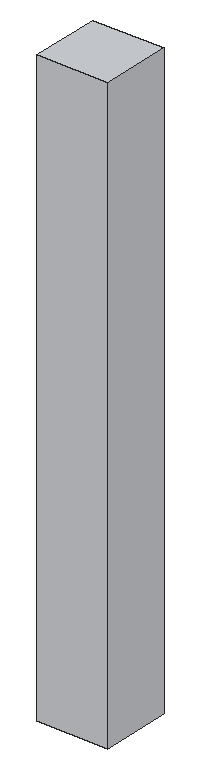
Revit family
Parameters (values of type "457 x 475mm")
  Depth = 475 mm
  Material = none
  Offset Base = 0 mm
  Offset Top = 0 mm
  Width = 475 mm
Types (3, lengths in mm): name | Depth | Width
  475 x 610mm | 475 | 610
  610 x 610mm | 610 | 610
  457 x 475mm | 475 | 475
Reference planes
  plane 1: y = 0
  plane 2: z = 0
  plane 3: x = 0
  plane 4: z = 4000
  plane 5: z = 0
  plane 6: x = -237.5
  plane 7: x = 237.5
  plane 8: y = -237.5
  plane 9: y = 237.5
Forms (mm)
  Extrusion 1, solid, material <- "Material"
    sketch origin (0, 0, 0) x (1, 0, 0) y (0, 1, 0)
      loop
        line (-237.5, 237.5) -> (-237.5, -237.5) -> (237.5, -237.5) -> (237.5, 237.5) -> (-237.5, 237.5)
    from 0 to 4000
Dimensions and locks
  "Offset Base": plane 5 to level
  "Offset Top": level to plane 4
  plane 6 to plane 3 to plane 7 = 237.5 mm, 237.5 mm
  "Width": plane 6 to plane 7
  plane 8 to plane 1 to plane 9 = 237.5 mm, 237.5 mm
  "Depth": plane 8 to plane 9
  aligned: plane 4 to Extrusion 1
  aligned: Extrusion 1 to plane 5
Automatic sketch dimensions
  Extrusion 1 sketch curve to plane 6 = 0 mm
  Extrusion 1 sketch curve to plane 7 = 0 mm
  Extrusion 1 sketch curve to plane 8 = 0 mm
  Extrusion 1 sketch curve to plane 9 = 0 mm
